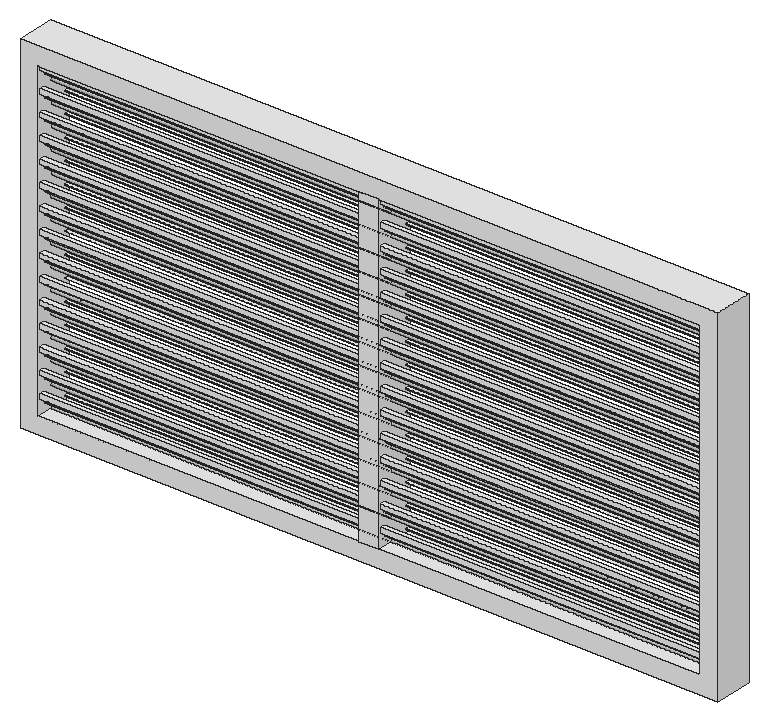
Revit family
Parameters (values of type "AG3")
  폭 1 = Width - 90 mm  # 1710 mm
  그릴 두께 = 100 mm
  Grill Panel 갯수 = 15
  그릴 패널 = AG3 그릴 패널
  그릴 프레임 = AG3 그릴 프레임
  프레임 투영 외부. = 25 mm
  프레임 투영 내부. = 25 mm
  프레임 폭 = 75 mm
  Height = 900 mm
  Wall Closure = (empty or 0)
  Width = 1800 mm
  기본 씰 높이 = 0 mm
Types (3, lengths in mm): name | 폭 1 | Grill Panel 갯수 | 그릴 패널 | 그릴 프레임 | Width | 기본 씰 높이
  (no name) | 1710 | 15 | AG3 그릴 패널 | AG3 그릴 프레임 | 1800 | 0
  AG3 | 1710 | 15 | AG3 그릴 패널 | AG3 그릴 프레임 | 1800 | 0
  AG4 | 2010 | 2 | AG4 그릴 패널 | AG4 그릴 프레임 | 2100 | 45.075
Reference planes
  plane 1: y = 0
  plane 2 "중심(왼쪽/오른쪽)": x = 0
  plane 3 "왼쪽": x = -900
  plane 4 "오른쪽": x = 900
  plane 5: z = 900
  plane 6 "외부": y = 75
  plane 7 "내부": y = -75
  plane 8: y = -25
  plane 9: x = 854.925
  plane 10: x = -854.925
  plane 11: x = 0
  plane 12: x = 25
  plane 13: x = -25
  plane 14: z = 45
  plane 15: z = 0
  plane 16: z = 855
  plane 17: y = 72
Forms (mm)
  Extrusion 1, solid, material "AG3 그릴 프레임" <- "그릴 프레임"
    sketch origin (0, 0, 0) x (1, 0, 0) y (0, 1, 0)
      loop
        line (-25, 75) -> (-25, -25) -> (25, -25) -> (25, 75) -> (-25, 75)
    from 45 to 855
  Extrusion 2, solid, material "AG3 그릴 프레임" <- "그릴 프레임"
    sketch origin (0, 75, 0) x (1, 0, 0) y (0, 0, 1)
      loop
        line (900, 0) -> (900, 900) -> (-900, 900) -> (-900, 0) -> (900, 0)
      loop
        line (854.925, 855) -> (-854.925, 855) -> (-854.925, 45) -> (854.925, 45) -> (854.925, 855)
    from 0 to 100
Lines and regions (mm)
  Opening 1
    outline origin (-3050, -75, 0) x (1, 0, 0) y (0, 0, 1)
      loop
        line (2150, 0) -> (3950, 0) -> (3950, 900) -> (2150, 900) -> (2150, 0)
Text (mm)
  text "외부" at (-2295.016, 1099.543, 0), in view "참조 레벨"
  text "외부" at (0, 1615.38, 3698.081), in view "왼쪽"
  text "외부" at (0, 1036.032, 3874.932), in view "오른쪽"
Dimensions and locks
  equal spacing: plane 3 "왼쪽", plane 2 "중심(왼쪽/오른쪽)", plane 4 "오른쪽"
  "Width": plane 3 "왼쪽" to plane 4 "오른쪽"
  "Height": plane 5 to host wall
  host wall to plane 5 = 900 mm  (x2)
  locked: plane 6 "외부" to host wall at 0
  locked: plane 7 "내부" to host wall
  "그릴 두께": plane 8 to plane 6 "외부"
  locked: plane 9 to plane 4 "오른쪽" at 45.075
  locked: plane 10 to plane 3 "왼쪽" at 45.075
  plane 13 to plane 11 to plane 12 = 25 mm locked, 25 mm locked
  locked: plane 16 to plane 5 at 45
  locked: plane 15 to plane 14 at 45
  "기본 씰 높이": level to plane 15
  locked: plane 6 "외부" to plane 17 at 3
  equal spacing: group 1, group 3, group 4, group 5, group 6, group 7, group 8, group 9, group 10, group 11, group 12, group 13, group 14, group 15, group 2  (x2)
  equal spacing: group 2, group 15, group 14, group 13, group 12, group 11, group 10, group 9, group 8, group 7, group 6, group 5, group 4, group 3, group 1
  aligned and locked: plane 3 "왼쪽" to Opening 1 sketch curve
  aligned and locked: plane 5 to Opening 1 sketch curve  (x2)
  aligned and locked: Opening 1 sketch curve to plane 4 "오른쪽"
  aligned and locked: Opening 1 sketch curve to level
  aligned and locked: host wall to plane 1
  aligned and locked: plane 13 to Extrusion 1 sketch curve
  aligned and locked: Extrusion 1 sketch curve to host wall
  aligned and locked: plane 8 to Extrusion 1 sketch curve
  aligned and locked: plane 12 to Extrusion 1 sketch curve
  aligned and locked: plane 11 to plane 2 "중심(왼쪽/오른쪽)"
  aligned and locked: plane 16 to Extrusion 1
  aligned and locked: Extrusion 1 to plane 14
  aligned and locked: Extrusion 2 sketch curve to plane 5
  aligned and locked: Extrusion 2 sketch curve to plane 4 "오른쪽"
  aligned and locked: Extrusion 2 sketch curve to plane 15
  aligned and locked: plane 3 "왼쪽" to Extrusion 2 sketch curve
  aligned and locked: plane 9 to Extrusion 2 sketch curve
  aligned and locked: plane 16 to Extrusion 2 sketch curve
  aligned and locked: plane 14 to Extrusion 2 sketch curve
  aligned and locked: Extrusion 2 sketch curve to plane 10
  aligned and locked: Extrusion 2 to plane 6 "외부"
  aligned and locked: plane 8 to Extrusion 2
  aligned and locked: nested 1 to plane 11
  aligned and locked: nested 1 to plane 17
  aligned and locked: nested 1 to Extrusion 2
  aligned and locked: nested 2 to plane 17
  aligned and locked: Extrusion 2 to nested 2
Nested families
  nested 1: "셔터 블레이드" at (0, -21.656, 855), type "셔터 블레이드"
    with 폭 1710 mm
  nested 2: "셔터 블레이드" at (0, -21.656, 95.158), type "셔터 블레이드"
    with 폭 1710 mm
  nested 3: "셔터 블레이드" at (0, -21.656, 800.726), type "셔터 블레이드"
    with 폭 1710 mm
  nested 4: "셔터 블레이드" at (0, -21.656, 746.451), type "셔터 블레이드"
    with 폭 1710 mm
  nested 5: "셔터 블레이드" at (0, -21.656, 692.177), type "셔터 블레이드"
    with 폭 1710 mm
  nested 6: "셔터 블레이드" at (0, -21.656, 637.902), type "셔터 블레이드"
    with 폭 1710 mm
  nested 7: "셔터 블레이드" at (0, -21.656, 583.628), type "셔터 블레이드"
    with 폭 1710 mm
  nested 8: "셔터 블레이드" at (0, -21.656, 529.354), type "셔터 블레이드"
    with 폭 1710 mm
  nested 9: "셔터 블레이드" at (0, -21.656, 475.079), type "셔터 블레이드"
    with 폭 1710 mm
  nested 10: "셔터 블레이드" at (0, -21.656, 420.805), type "셔터 블레이드"
    with 폭 1710 mm
  nested 11: "셔터 블레이드" at (0, -21.656, 366.53), type "셔터 블레이드"
    with 폭 1710 mm
  nested 12: "셔터 블레이드" at (0, -21.656, 312.256), type "셔터 블레이드"
    with 폭 1710 mm
  nested 13: "셔터 블레이드" at (0, -21.656, 257.981), type "셔터 블레이드"
    with 폭 1710 mm
  nested 14: "셔터 블레이드" at (0, -21.656, 203.707), type "셔터 블레이드"
    with 폭 1710 mm
  nested 15: "셔터 블레이드" at (0, -21.656, 149.433), type "셔터 블레이드"
    with 폭 1710 mm
Definition of nested family "셔터 블레이드"
  Parameters
    폭 = 1400 mm
    그릴 패널 = none
  Reference planes
    plane 1 "중심(앞/뒤)": y = 0
    plane 2: z = 0
    plane 3 "중심(왼쪽/오른쪽)": x = 0
    plane 4: x = -700
    plane 5: x = 700
  Forms (mm)
    Extrusion 1, solid, material <- "그릴 패널"
      sketch origin (-1827.286, -3.089, -2354.925) x (0, -1, 0) y (0, 0, 1)
        loop
          line (-15.61, 2354.925) -> (-15.61, 2352.922) -> (-5.092, 2352.922) -> (-5.092, 2343.354) -> (-60.985, 2311.084) -> (-59.983, 2309.349) -> (-52.711, 2313.548)
          arc (-52.711, 2313.548) -> (-43.568, 2311.098) -> (-46.018, 2301.955) r 6.693
          line (-46.018, 2301.955) -> (-71.766, 2287.09)
          arc (-71.766, 2287.09) -> (-71.967, 2288.591) -> (-72.782, 2289.867) r 3.506
          arc (-72.782, 2289.867) -> (-73.392, 2290.063) -> (-73.907, 2289.681) r 0.701
          arc (-73.907, 2289.681) -> (-74.029, 2289.222) -> (-73.83, 2288.79) r 0.701
          arc (-73.83, 2288.79) -> (-75.259, 2285.383) -> (-76.688, 2288.79) r 2.003
          arc (-76.688, 2288.79) -> (-76.489, 2289.222) -> (-76.611, 2289.681) r 0.701
          arc (-76.611, 2289.681) -> (-77.125, 2290.063) -> (-77.735, 2289.867) r 0.701
          arc (-77.735, 2289.867) -> (-78.713, 2286.783) -> (-76.749, 2284.213) r 3.506
          line (-76.749, 2284.213) -> (-96.745, 2272.494) -> (-96.745, 2259.767) -> (-84.224, 2259.767) -> (-84.224, 2261.77) -> (-94.741, 2261.77) -> (-94.741, 2271.338) -> (-45.016, 2300.22)
          arc (-45.016, 2300.22) -> (-40.804, 2309.286) -> (-47.903, 2316.324) r 8.697
          line (-47.903, 2316.324) -> (-28.368, 2327.602)
          arc (-28.368, 2327.602) -> (-28.167, 2326.101) -> (-27.352, 2324.824) r 3.506
          arc (-27.352, 2324.824) -> (-26.742, 2324.629) -> (-26.227, 2325.011) r 0.701
          arc (-26.227, 2325.011) -> (-26.105, 2325.47) -> (-26.304, 2325.901) r 0.701
          arc (-26.304, 2325.901) -> (-24.875, 2329.309) -> (-23.446, 2325.901) r 2.003
          arc (-23.446, 2325.901) -> (-23.645, 2325.47) -> (-23.523, 2325.011) r 0.701
          arc (-23.523, 2325.011) -> (-23.009, 2324.629) -> (-22.399, 2324.824) r 0.701
          arc (-22.399, 2324.824) -> (-21.421, 2327.908) -> (-23.385, 2330.479) r 3.506
          line (-23.385, 2330.479) -> (-3.089, 2342.197) -> (-3.089, 2354.925) -> (-15.61, 2354.925)
      from -1127.286 to -2527.286
  Dimensions and locks
    equal spacing: plane 4, plane 3 "중심(왼쪽/오른쪽)", plane 5
    "폭": plane 4 to plane 5
    aligned and locked: Extrusion 1 to plane 4
    aligned and locked: plane 5 to Extrusion 1
  Automatic sketch dimensions
    Extrusion 1 sketch curve to Extrusion 1 sketch curve = 0 mm  (x22)
    Extrusion 1 sketch curve to level = 0 mm
    Extrusion 1 sketch curve to plane 1 "중심(앞/뒤)" = 0 mm
    Extrusion 1 sketch curve to plane 1 "중심(앞/뒤)" = 2.003 mm
    Extrusion 1 sketch curve to level = 2.003 mm
    Extrusion 1 sketch curve to Extrusion 1 sketch curve = 10.517 mm  (x2)
    Extrusion 1 sketch curve to plane 1 "중심(앞/뒤)" = 19.31 mm
    Extrusion 1 sketch curve to Extrusion 1 sketch curve = 0.495 mm  (x4)
    Extrusion 1 sketch curve to Extrusion 1 sketch curve = 0.053 mm  (x4)
    Extrusion 1 sketch curve to Extrusion 1 sketch curve = 0.439 mm
    Extrusion 1 sketch curve to Extrusion 1 sketch curve = 0.5 mm  (x3)
    Extrusion 1 sketch curve to Extrusion 1 sketch curve = 0.629 mm  (x2)
    Extrusion 1 sketch curve to Extrusion 1 sketch curve = 1.429 mm  (x2)
    Extrusion 1 sketch curve to Extrusion 1 sketch curve = 1.352 mm  (x2)
    Extrusion 1 sketch curve to Extrusion 1 sketch curve = 0.076 mm  (x2)
    Extrusion 1 sketch curve to Extrusion 1 sketch curve = 2.065 mm
    Extrusion 1 sketch curve to Extrusion 1 sketch curve = 17.665 mm
    Extrusion 1 sketch curve to Extrusion 1 sketch curve = 1.002 mm  (x2)
    Extrusion 1 sketch curve to Extrusion 1 sketch curve = 1.885 mm
    Extrusion 1 sketch curve to Extrusion 1 sketch curve = 3.347 mm
    Extrusion 1 sketch curve to Extrusion 1 sketch curve = 4.809 mm
    Extrusion 1 sketch curve to Extrusion 1 sketch curve = 7.272 mm
    Extrusion 1 sketch curve to level = 43.841 mm
    Extrusion 1 sketch curve to Extrusion 1 sketch curve = 11.782 mm
    Extrusion 1 sketch curve to Extrusion 1 sketch curve = 1.017 mm
    Extrusion 1 sketch curve to Extrusion 1 sketch curve = 1.49 mm
    Extrusion 1 sketch curve to Extrusion 1 sketch curve = 0.576 mm
    Extrusion 1 sketch curve to Extrusion 1 sketch curve = 7.475 mm
    Extrusion 1 sketch curve to Extrusion 1 sketch curve = 2.003 mm  (x2)
    Extrusion 1 sketch curve to Extrusion 1 sketch curve = 1.735 mm  (x2)
    Extrusion 1 sketch curve to Extrusion 1 sketch curve = 5.796 mm
    Extrusion 1 sketch curve to Extrusion 1 sketch curve = 19.482 mm
    Extrusion 1 sketch curve to Extrusion 1 sketch curve = 0.186 mm  (x2)
    Extrusion 1 sketch curve to Extrusion 1 sketch curve = 11.718 mm
    Extrusion 1 sketch curve to Extrusion 1 sketch curve = 1.157 mm  (x2)
    Extrusion 1 sketch curve to Extrusion 1 sketch curve = 9.568 mm
    Extrusion 1 sketch curve to Extrusion 1 sketch curve = 18.53 mm
